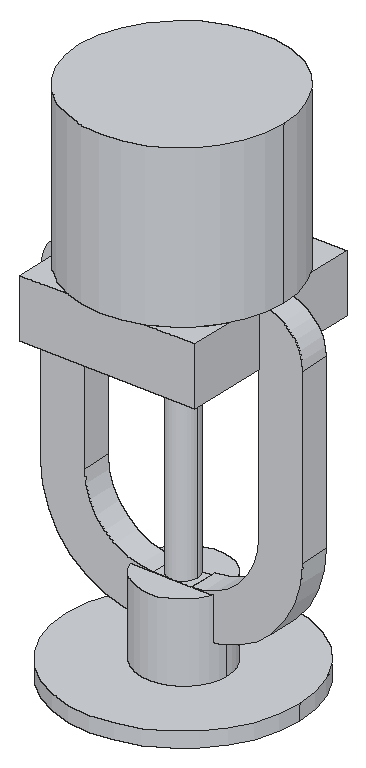
Revit family
Parameters (values of type "RASCO F1FR56-300 PENDENT")
  Temperature Rating = 286 °F
  Response = 1
  RASCO SIN # = "RA2614"
  RASCO Part # = "F1FR56P3W3"
  Pressure Rating = "300 PSI"
  Pressure Class = 1
  Orifice Size = 1/2"
  Orifice = (empty or 0)
  Model = "F1FR56-300"
  Manufacturer = "RASCO"
  K-Factor = 5.6
  Description = "White Finish"
  Coverage = (empty or 0)
Reference planes (in)
  plane 1 "Center (Front/Back)": y = 0
  plane 2: z = 0
  plane 3 "Center (Left/Right)": x = 0
Dimensions and locks (in)
  aligned and locked: plane 2 to level
Nested families (in)
  nested 1: "F1FR56P3W3" at (-0.0113, 0, 2.4375) x (-1, 0, 0) z (0, 0, -1), type "RASCO F1FR56-300 PENDENT"
Connectors (in)
  piping at (-0.0113, 0, 2.4375)
    settings: on nested 1, index 1, connector radius 115/256", flow factor 0, pipe flow 0 GPM, pressure drop 0.00 psi, fitting loss kfactor 0, connector angle 0.00°, fixture units 0, flow configuration 0, flow direction 0, fitting loss method 0, system type 7, connector reference index -1, connector utility 0, adjustable connector no, is connector primary yes, fitting loss table "", connector description ""
Definition of nested family "F1FR56P3W3"
  Parameters (values of type "RASCO F1FR56-300 PENDENT")
    Type Comments = ""
    Temperature Rating = 0 °F
    Response = (empty or 0)
    Pressure Rating = "0"
    Pressure Class = (empty or 0)
    Orifice Size = 0"
    Orifice = (empty or 0)
    Model = ""
    Manufacturer = ""
    K-Factor = 0
    Description = ""
    Coverage = (empty or 0)
    Assembly Code = ""
  Reference planes (in)
    plane 1 "Center (Front/Back)": y = 0
    plane 2: z = 0
    plane 3 "ref.2": z = 0.6875
    plane 4 "ref.3": z = 0.9375
    plane 5: x = -0.38065
    plane 6: x = 0.36935
    plane 7 "ref. side 1": y = 0.06402
    plane 8 "ref. side 2": y = -0.06098
    plane 9 "ref.4": z = 1.875
    plane 10 "ref.5": z = 2.3125
    plane 11 "ref.6": z = 2.4375
  Forms (in)
    Extrusion 1, solid
      sketch origin (0, 0, 0) x (1, 0, 0) y (0, 1, 0)
        loop
          circle (0, 0) r 0.4379
      from 0 to 0.6875
    Extrusion 2, solid
      sketch origin (-0.12185, 0.05177, 0.6875) x (1, 0, 0) y (0, 1, 0)
        loop
          line (-0.2588, 0.356) -> (-0.2588, -0.4565) -> (0.4912, -0.4565) -> (0.4912, 0.356) -> (-0.2588, 0.356)
      from 0 to 0.25
    Extrusion 3, solid
      sketch origin (0, 0, 0) x (1, 0, 0) y (0, 0, 1)
        loop
          line (-0.38065, 0.68754) -> (-0.38065, 1.58397)
          arc (-0.38065, 1.58397) -> (-0.29541, 1.78976) -> (-0.08962, 1.875) r 0.29103
          line (-0.08962, 1.875) -> (0.07524, 1.875)
          arc (0.07524, 1.875) -> (0.28321, 1.78886) -> (0.36935, 1.58089) r 0.29411
          line (0.36935, 1.58089) -> (0.36935, 0.68751)
          arc (0.36935, 0.68751) -> (0.50207, 0.74393) -> (0.55685, 0.87734) r 0.18984
          line (0.55685, 0.87734) -> (0.55685, 1.61676)
          arc (0.55685, 1.61676) -> (0.42629, 1.93194) -> (0.11111, 2.0625) r 0.44574
          line (0.11111, 2.0625) -> (-0.12259, 2.0625)
          arc (-0.12259, 2.0625) -> (-0.43765, 1.932) -> (-0.56815, 1.61694) r 0.44556
          line (-0.56815, 1.61694) -> (-0.56815, 0.87876)
          arc (-0.56815, 0.87876) -> (-0.51345, 0.74486) -> (-0.38065, 0.68754) r 0.19126
      from -0.06402 to 0.06098
    Extrusion 4, solid
      sketch origin (0, 0, 0.9375) x (-1, 0, 0) y (0, -1, 0)
        loop
          circle (0.00574, -0.00152) r 0.0625
      from 0 to 0.9375
    Extrusion 5, solid
      sketch origin (0, 0, 1.875) x (-1, 0, 0) y (0, -1, 0)
        loop
          circle (0.00574, -0.00152) r 0.1875
      from 0 to 0.4375
    Extrusion 6, solid
      sketch origin (0, 0, 2.3125) x (0, -1, 0) y (1, 0, 0)
        loop
          circle (-0.00152, -0.00574) r 0.5
      from -0.10531 to -0.03987
  Cuts and joins
    joined: Extrusion 1, Extrusion 2, Extrusion 4
  Lines and regions (in)
    model lines
      curve 1: line (-0.00574, 0.06402, 1.875) -> (-0.00574, -0.06098, 1.875)
